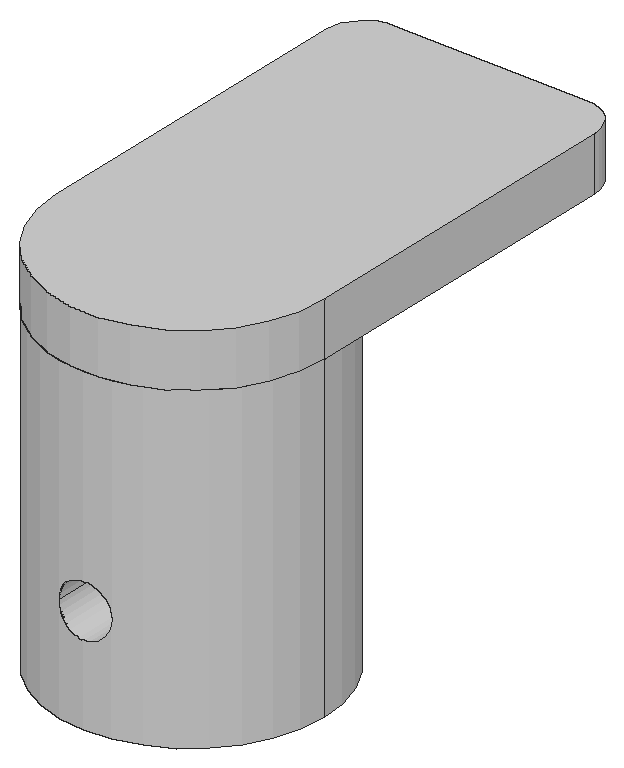
Revit family "Urbane II Robe Hook", category Specialty Equipment, host Face, Revit 2019
Family settings
  Host = Face
  Round Connector Dimension = Use Radius
  Part Type = Normal
  OmniClass Number = 23.40.20.21.21
  OmniClass Title = Toilet Paper Dispensers
  Cut with Voids When Loaded = No
  Shared = No
  Room Calculation Point = No
Parameters (values of type "Urbane II Robe Hook - Chrome")
  URL = "https://www.caroma.com.au/"
  Model = "99621C"
  Material_Base = GWA_Metal-Chrome
  Manufacturer = "GWA Bathrooms & Kitchens"  # constant formula
  Description = "Urbane II Robe Hook - Chrome"
  Default Elevation = 1000 mm
  CreatedBy_ANZRS = "GWA Bathrooms & Kitchens"  # constant formula
  Assembly Code = "C1030220"
Types (6, lengths in mm): name | Model | Material_Base | Description
  (no name) | "99621C" | GWA_Metal-Chrome | "Urbane II Robe Hook - Chrome"
  Urbane II Robe Hook - Chrome | "99621C" | GWA_Metal-Chrome | "Urbane II Robe Hook - Chrome"
  Urbane II Robe Hook - Matte Black | "99621B" | GWA-Metal-Black | "Urbane II Robe Hook - Matte Black"
  Urbane II Robe Hook  - Brushed Brass | "99621BR" | GWA_Metal-Brushed-Brass | "Urbane II Robe Hook  - Brushed Brass"
  Urbane II Robe Hook - Gunmetal | "99621GM" | GWA-Metal-Gunmetal Grey | "Urbane II Robe Hook - Gunmetal"
  Urbane II Robe Hook - Brushed Nickel | "99621BN" | GWA_Metal-Brushed-Nickel | "Urbane II Robe Hook - Brushed Nickel"
Reference planes
  plane 1 "Center (Front/Back)": y = 0
  plane 2: z = 0
  plane 3 "Center (Left/Right)": x = 0
  plane 4 "FacePlate": z = 30
Forms (mm)
  Extrusion 1, solid, material "GWA_Metal-Chrome" <- "Material_Base"
    sketch origin (225, 0, 0) x (1, 0, 0) y (0, 1, 0)
      loop
        circle (-225, 0) r 12.5
    from 0 to 30
  Extrusion 2, void
    sketch origin (225, 0, 0) x (1, 0, 0) y (0, 0, 1)
      loop
        circle (-225, 10) r 2.5
    from 0 to 30
  Extrusion 3, solid, material "GWA_Metal-Chrome" <- "Material_Base"
    sketch origin (0, 0, 30) x (-1, 0, 0) y (0, -1, 0)
      loop
        line (-12.5, 0) -> (-12.5, -31.5)
        arc (-12.5, -31.5) -> (-11.475, -33.975) -> (-9, -35) r 3.5
        line (-9, -35) -> (9, -35)
        arc (9, -35) -> (11.475, -33.975) -> (12.5, -31.5) r 3.5
        line (12.5, -31.5) -> (12.5, 0)
        arc (12.5, 0) -> (0, 12.5) -> (-12.5, 0) r 12.5
    from 0 to 5
Cuts and joins
  Extrusion 2 cuts Extrusion 1
Lines and regions (mm)
  Masking region 1
    outline origin (0, 0, 30) x (-1, 0, 0) y (0, -1, 0)
      loop
        line (-9, -35) -> (9, -35)
        arc (9, -35) -> (11.475, -33.975) -> (12.5, -31.5) r 3.5
        line (12.5, -31.5) -> (12.5, 0)
        arc (12.5, 0) -> (0, 12.5) -> (-12.5, 0) r 12.5
        line (-12.5, 0) -> (-12.5, -31.5)
        arc (-12.5, -31.5) -> (-11.475, -33.975) -> (-9, -35) r 3.5
  Masking region 2
    outline origin (225, 0, 0) x (0, 1, 0) y (0, 0, 1)
      loop
        line (12.5, 30) -> (35, 30) -> (35, 35) -> (-12.5, 35) -> (-12.5, 0) -> (12.5, 0) -> (12.5, 30)
  symbolic lines
    curve 1: line (225, -12.5, 0) -> (225, -12.5, 30)
    curve 2: line (225, 12.5, 0) -> (225, -12.5, 0)
    curve 3: line (225, 12.5, 30) -> (225, 12.5, 0)
    curve 4: line (12.5, 0, 0) -> (12.5, 0, 30)
    curve 5: line (-12.5, 0, 0) -> (12.5, 0, 0)
    curve 6: line (-12.5, 0, 30) -> (-12.5, 0, 0)
    curve 7: line (9, 35, 30) -> (-9, 35, 30)
    curve 8: arc (-9, 35, 30) -> (-11.475, 33.975, 30) -> (-12.5, 31.5, 30) r 3.5
    curve 9: line (-12.5, 31.5, 30) -> (-12.5, 0, 30)
    curve 10: arc (-12.5, 0, 30) -> (0, -12.5, 30) -> (12.5, 0, 30) r 12.5
    curve 11: line (12.5, 0, 30) -> (12.5, 31.5, 30)
    curve 12: arc (12.5, 31.5, 30) -> (11.475, 33.975, 30) -> (9, 35, 30) r 3.5
    curve 13: line (12.5, 0, 35) -> (-12.5, 0, 35)
    curve 14: line (12.5, 0, 30) -> (12.5, 0, 35)
    curve 15: line (-12.5, 0, 30) -> (12.5, 0, 30)
    curve 16: line (-12.5, 0, 35) -> (-12.5, 0, 30)
    curve 17: line (225, -12.5, 35) -> (225, 35, 35)
    curve 18: line (225, -12.5, 30) -> (225, -12.5, 35)
    curve 19: line (225, 35, 30) -> (225, -12.5, 30)
    curve 20: line (225, 35, 35) -> (225, 35, 30)
Dimensions and locks
  aligned and locked: plane 2 to host face
  aligned and locked: level to host face
